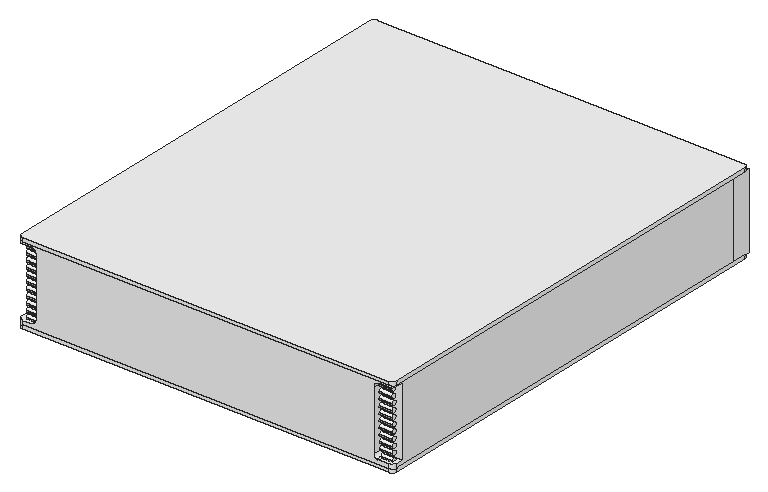
Revit family "RK-AMP500", category Electrical Equipment, Revit 2016
Family settings
  Panel Configuration = Two Columns, Circuits Across
  Part Type = Panelboard
  Round Connector Dimension = Use Diameter
  OmniClass Number = 23.80.30.11.17
  OmniClass Title = Distribution Boards and Control Panels
  Work Plane-Based = No
  Always vertical = Yes
  Cut with Voids When Loaded = No
  Shared = No
  Room Calculation Point = No
Parameters
  voltage = "100V/70V"
  Weekly = ""
  Warranty ID = ""
  Type = ""
  Supply Phase = "3"
  Shipping Weight = ""
  Shape = ""
  Set Point Concentration = 0.00 m²
  Responsible Sourcing of Materials = "Endorsing body"
  Responsible Extraction of Materials = ""
  Reference Standard = ""
  Quarterly = ""
  Product Range = ""
  Product Model Number = "Or  Code"
  Product Literature = ""
  Power Source (if required) = ""
  Overall Width = 225 mm
  Overall Length = 240 mm
  Overall Height = 165 mm
  O&M Manual = "External data hyperconnection"
  Number of Poles = "3"
  Monthly = ""
  Material2 = cutout
  Material Ingredient Reporting = ""
  Material = Steel
  Manufacturer Website = "External data hyperconnection"
  Maintenance Required 8001-12000hrs = ""
  Maintenance Required 601-1000hrs = ""
  Maintenance Required 40001-8000hrs = ""
  Maintenance Required 301-600hrs = ""
  Maintenance Required 2001-4000hrs = ""
  Maintenance Required 1001-2000hrs = ""
  Maintenance Required 0-300hrs = ""
  Location of Manufacturer = "Northing,Easting"
  Life Cycle Analysis = "A - E"
  Gross Weight = "2.05Kg"
  Green Guide for Specification = "A - E"
  Frequency = "350 Hz ~ 12 kHz"
  Fire Control Panel Links = yes
  Finish = ""
  Features = "Free text to describe product"
  Expected Life = "*Years"
  Environmental Product Declaration = "3rd Party Verification"
  Energy Technology List = "External data hyperconnection"
  Enclosure Rating = "IP rating"
  Embodied Carbon = "kgCO2"
  Default elevation = 1219.2 mm
  Daily = ""
  Coverage Area = 0.056 m²
  Colour = ""
  CE Approval = "Number, Yes, No"
  Bespoke Timeframe = ""
  Battery Type = "e.g. Alkaline, Lithium Ion Rechargeable"
  Battery Supply = ""
  BMS Links = yes
  Annually = ""
  Access Clearance Top = 0 mm
  Access Clearance Right = 0 mm
  Access Clearance Rear = 0 mm
  Access Clearance Left = 0 mm
  Access Clearance Front = 0 mm
  Access Clearance Bottom = 0 mm
  6 Monthly = ""
Reference planes
  plane 1 "Center (Front/Back)": y = 0
  plane 2: z = 0
  plane 3 "Center (Left/Right)": x = 0
Dimensions and locks
  aligned and locked: level to plane 2
Nested families
  nested 1: "PK-AMP500" at (180, -220, 0), type "PK-AMP500"
Definition of nested family "PK-AMP500"
  Parameters (values of type "PK-AMP500")
    Material2 = none
    Material = none
  Reference planes
    plane 1 "Center (Front/Back)": y = 0
    plane 2: z = 0
    plane 3 "Center (Left/Right)": x = 0
    plane 4: y = 482
    plane 5: z = -88
    plane 6: x = -407
  Forms (mm)
    Extrusion 1, solid, material <- "Material2"
      sketch origin (0, 0, 0) x (1, 0, 0) y (0, 1, 0)
        loop
          arc (-407, 5) -> (-405.536, 1.464) -> (-402, 0) r 5
          line (-402, 0) -> (-5, 0)
          arc (-5, 0) -> (-1.464, 1.464) -> (0, 5) r 5
          line (0, 5) -> (0, 462) -> (-20, 462) -> (-20, 20) -> (-387, 20) -> (-387, 462) -> (-407, 462) -> (-407, 5)
      from -84.611 to -3.389
    Extrusion 2, solid, material <- "Material2"
      sketch origin (0, 0, 0) x (1, 0, 0) y (0, 1, 0)
        loop
          line (-5, 482) -> (-402, 482)
          arc (-402, 482) -> (-405.536, 480.536) -> (-407, 477) r 5
          line (-407, 477) -> (-407, 5)
          arc (-407, 5) -> (-405.536, 1.464) -> (-402, 0) r 5
          line (-402, 0) -> (-5, 0)
          arc (-5, 0) -> (-1.464, 1.464) -> (0, 5) r 5
          line (0, 5) -> (0, 477)
          arc (0, 477) -> (-1.464, 480.536) -> (-5, 482) r 5
      from -3.389 to 0
    Extrusion 3, solid, material <- "Material2"
      sketch origin (0, 0, -84.611) x (1, 0, 0) y (0, 1, 0)
        loop
          line (-5, 482) -> (-402, 482)
          arc (-402, 482) -> (-405.536, 480.536) -> (-407, 477) r 5
          line (-407, 477) -> (-407, 5)
          arc (-407, 5) -> (-405.536, 1.464) -> (-402, 0) r 5
          line (-402, 0) -> (-5, 0)
          arc (-5, 0) -> (-1.464, 1.464) -> (0, 5) r 5
          line (0, 5) -> (0, 477)
          arc (0, 477) -> (-1.464, 480.536) -> (-5, 482) r 5
      from -3.389 to 0
    Extrusion 4, void
      sketch origin (0, 0, -169.342) x (1, 0, 0) y (0, 0, 1)
        loop
          line (-409.572, 164.342) -> (-409.572, 89.442) -> (-392, 89.442)
          arc (-392, 89.442) -> (-388.464, 90.906) -> (-387, 94.442) r 5
          line (-387, 94.442) -> (-387, 159.342)
          arc (-387, 159.342) -> (-388.464, 162.877) -> (-392, 164.342) r 5
          line (-392, 164.342) -> (-409.572, 164.342)
      from -12.787 to 11.13
    Extrusion 5, void
      sketch origin (-407, 0, -169.342) x (-1, 0, 0) y (0, 0, -1)
        loop
          line (-409.572, -164.342) -> (-392, -164.342)
          arc (-392, -164.342) -> (-388.464, -162.877) -> (-387, -159.342) r 5
          line (-387, -159.342) -> (-387, -94.442)
          arc (-387, -94.442) -> (-388.464, -90.906) -> (-392, -89.442) r 5
          line (-392, -89.442) -> (-409.572, -89.442) -> (-409.572, -164.342)
      from -12.787 to 11.13
    Extrusion 6, solid, material <- "Material2"
      sketch origin (0, -465.718, 0) x (0, 1, 0) y (0, 0, 1)
        loop
          circle (473.025, -10.009) r 2.052
        loop
          circle (473.025, -17.009) r 2.052
        loop
          circle (473.269, -24.005) r 2.052
        loop
          circle (473.269, -31.005) r 2.052
        loop
          circle (473.269, -38.005) r 2.052
        loop
          circle (473.635, -44.995) r 2.052
        loop
          circle (473.635, -51.995) r 2.052
        loop
          circle (473.635, -58.995) r 2.052
        loop
          circle (473.635, -65.995) r 2.052
        loop
          circle (473.635, -72.995) r 2.052
        loop
          circle (473.635, -79.995) r 2.052
      from -20 to -4.979
    Extrusion 7, solid, material <- "Material2"
      sketch origin (-407, -465.718, 0) x (0, 1, 0) y (0, 0, -1)
        loop
          circle (473.025, 10.009) r 2.052
        loop
          circle (473.025, 17.009) r 2.052
        loop
          circle (473.269, 24.005) r 2.052
        loop
          circle (473.269, 31.005) r 2.052
        loop
          circle (473.269, 38.005) r 2.052
        loop
          circle (473.635, 44.995) r 2.052
        loop
          circle (473.635, 51.995) r 2.052
        loop
          circle (473.635, 58.995) r 2.052
        loop
          circle (473.635, 65.995) r 2.052
        loop
          circle (473.635, 72.995) r 2.052
        loop
          circle (473.635, 79.995) r 2.052
      from -20 to -4.979
    Extrusion 8, solid, material <- "Material2"
      sketch origin (0, 0, 0) x (1, 0, 0) y (0, 0, 1)
        loop
          line (0, -3.389) -> (-407, -3.389) -> (-407, -84.611) -> (0, -84.611) -> (0, -3.389)
        loop
          line (-20.151, -37.343) -> (-15.063, -37.343)
          arc (-15.063, -37.343) -> (-24.693, -19.206) -> (-43.181, -10.268) r 33.022
          line (-43.181, -10.268) -> (-43.181, -15.321)
          arc (-43.181, -15.321) -> (-28.231, -22.74) -> (-20.151, -37.343) r 28.022
        loop
          line (-44.763, -20.146) -> (-44.763, -25.195)
          arc (-44.763, -25.195) -> (-35.142, -29.968) -> (-29.944, -39.366) r 18.022
          line (-29.944, -39.366) -> (-24.863, -39.366)
          arc (-24.863, -39.366) -> (-31.604, -26.434) -> (-44.763, -20.146) r 23.022
        loop
          line (-80.138, -37.343) -> (-75.05, -37.343)
          arc (-75.05, -37.343) -> (-66.969, -22.74) -> (-52.02, -15.321) r 28.022
          line (-52.02, -15.321) -> (-52.02, -10.268)
          arc (-52.02, -10.268) -> (-70.508, -19.206) -> (-80.138, -37.343) r 33.022
        loop
          line (-70.338, -39.366) -> (-65.256, -39.366)
          arc (-65.256, -39.366) -> (-60.059, -29.968) -> (-50.438, -25.195) r 18.022
          line (-50.438, -25.195) -> (-50.438, -20.146)
          arc (-50.438, -20.146) -> (-63.597, -26.434) -> (-70.338, -39.366) r 23.022
        loop
          line (-60.527, -41.394) -> (-55.464, -41.394)
          arc (-55.464, -41.394) -> (-53.033, -37.088) -> (-48.537, -35.026) r 8.022
          line (-48.537, -35.026) -> (-48.537, -30.005)
          arc (-48.537, -30.005) -> (-56.572, -33.552) -> (-60.527, -41.394) r 13.022
        loop
          line (-46.663, -30.005) -> (-46.663, -35.026)
          arc (-46.663, -35.026) -> (-42.168, -37.088) -> (-39.737, -41.394) r 8.022
          line (-39.737, -41.394) -> (-34.674, -41.394)
          arc (-34.674, -41.394) -> (-38.629, -33.552) -> (-46.663, -30.005) r 13.022
        loop
          arc (-20.151, -48.349) -> (-28.231, -62.952) -> (-43.181, -70.37) r 28.022
          line (-43.181, -70.37) -> (-43.181, -75.424)
          arc (-43.181, -75.424) -> (-24.693, -66.486) -> (-15.063, -48.349) r 33.022
          line (-15.063, -48.349) -> (-20.151, -48.349)
        loop
          arc (-44.763, -65.546) -> (-31.604, -59.258) -> (-24.863, -46.325) r 23.022
          line (-24.863, -46.325) -> (-29.944, -46.325)
          arc (-29.944, -46.325) -> (-35.142, -55.724) -> (-44.763, -60.496) r 18.022
          line (-44.763, -60.496) -> (-44.763, -65.546)
        loop
          arc (-80.138, -48.349) -> (-70.508, -66.486) -> (-52.02, -75.424) r 33.022
          line (-52.02, -75.424) -> (-52.02, -70.37)
          arc (-52.02, -70.37) -> (-66.969, -62.952) -> (-75.05, -48.349) r 28.022
          line (-75.05, -48.349) -> (-80.138, -48.349)
        loop
          arc (-70.338, -46.325) -> (-63.597, -59.258) -> (-50.438, -65.546) r 23.022
          line (-50.438, -65.546) -> (-50.438, -60.496)
          arc (-50.438, -60.496) -> (-60.059, -55.724) -> (-65.256, -46.325) r 18.022
          line (-65.256, -46.325) -> (-70.338, -46.325)
        loop
          arc (-60.527, -44.297) -> (-56.572, -52.14) -> (-48.537, -55.687) r 13.022
          line (-48.537, -55.687) -> (-48.537, -50.666)
          arc (-48.537, -50.666) -> (-53.033, -48.604) -> (-55.464, -44.297) r 8.022
          line (-55.464, -44.297) -> (-60.527, -44.297)
        loop
          arc (-46.663, -55.687) -> (-38.629, -52.14) -> (-34.674, -44.297) r 13.022
          line (-34.674, -44.297) -> (-39.737, -44.297)
          arc (-39.737, -44.297) -> (-42.168, -48.604) -> (-46.663, -50.666) r 8.022
          line (-46.663, -50.666) -> (-46.663, -55.687)
        loop
          circle (-77.317, -42.689) r 1.396
        loop
          circle (-47.603, -42.993) r 4.573
        loop
          circle (-18.19, -42.689) r 1.396
        loop
          line (-260.151, -37.343) -> (-255.063, -37.343)
          arc (-255.063, -37.343) -> (-264.693, -19.206) -> (-283.181, -10.268) r 33.022
          line (-283.181, -10.268) -> (-283.181, -15.321)
          arc (-283.181, -15.321) -> (-268.231, -22.74) -> (-260.151, -37.343) r 28.022
        loop
          line (-284.763, -20.146) -> (-284.763, -25.195)
          arc (-284.763, -25.195) -> (-275.142, -29.968) -> (-269.944, -39.366) r 18.022
          line (-269.944, -39.366) -> (-264.863, -39.366)
          arc (-264.863, -39.366) -> (-271.604, -26.434) -> (-284.763, -20.146) r 23.022
        loop
          line (-320.138, -37.343) -> (-315.05, -37.343)
          arc (-315.05, -37.343) -> (-306.969, -22.74) -> (-292.02, -15.321) r 28.022
          line (-292.02, -15.321) -> (-292.02, -10.268)
          arc (-292.02, -10.268) -> (-310.508, -19.206) -> (-320.138, -37.343) r 33.022
        loop
          line (-310.338, -39.366) -> (-305.256, -39.366)
          arc (-305.256, -39.366) -> (-300.059, -29.968) -> (-290.438, -25.195) r 18.022
          line (-290.438, -25.195) -> (-290.438, -20.146)
          arc (-290.438, -20.146) -> (-303.597, -26.434) -> (-310.338, -39.366) r 23.022
        loop
          line (-300.527, -41.394) -> (-295.464, -41.394)
          arc (-295.464, -41.394) -> (-293.033, -37.088) -> (-288.537, -35.026) r 8.022
          line (-288.537, -35.026) -> (-288.537, -30.005)
          arc (-288.537, -30.005) -> (-296.572, -33.552) -> (-300.527, -41.394) r 13.022
        loop
          line (-286.663, -30.005) -> (-286.663, -35.026)
          arc (-286.663, -35.026) -> (-282.168, -37.088) -> (-279.737, -41.394) r 8.022
          line (-279.737, -41.394) -> (-274.674, -41.394)
          arc (-274.674, -41.394) -> (-278.629, -33.552) -> (-286.663, -30.005) r 13.022
        loop
          arc (-260.151, -48.349) -> (-268.231, -62.952) -> (-283.181, -70.37) r 28.022
          line (-283.181, -70.37) -> (-283.181, -75.424)
          arc (-283.181, -75.424) -> (-264.693, -66.486) -> (-255.063, -48.349) r 33.022
          line (-255.063, -48.349) -> (-260.151, -48.349)
        loop
          arc (-284.763, -65.546) -> (-271.604, -59.258) -> (-264.863, -46.325) r 23.022
          line (-264.863, -46.325) -> (-269.944, -46.325)
          arc (-269.944, -46.325) -> (-275.142, -55.724) -> (-284.763, -60.496) r 18.022
          line (-284.763, -60.496) -> (-284.763, -65.546)
        loop
          arc (-320.138, -48.349) -> (-310.508, -66.486) -> (-292.02, -75.424) r 33.022
          line (-292.02, -75.424) -> (-292.02, -70.37)
          arc (-292.02, -70.37) -> (-306.969, -62.952) -> (-315.05, -48.349) r 28.022
          line (-315.05, -48.349) -> (-320.138, -48.349)
        loop
          arc (-310.338, -46.325) -> (-303.597, -59.258) -> (-290.438, -65.546) r 23.022
          line (-290.438, -65.546) -> (-290.438, -60.496)
          arc (-290.438, -60.496) -> (-300.059, -55.724) -> (-305.256, -46.325) r 18.022
          line (-305.256, -46.325) -> (-310.338, -46.325)
        loop
          arc (-300.527, -44.297) -> (-296.572, -52.14) -> (-288.537, -55.687) r 13.022
          line (-288.537, -55.687) -> (-288.537, -50.666)
          arc (-288.537, -50.666) -> (-293.033, -48.604) -> (-295.464, -44.297) r 8.022
          line (-295.464, -44.297) -> (-300.527, -44.297)
        loop
          arc (-286.663, -55.687) -> (-278.629, -52.14) -> (-274.674, -44.297) r 13.022
          line (-274.674, -44.297) -> (-279.737, -44.297)
          arc (-279.737, -44.297) -> (-282.168, -48.604) -> (-286.663, -50.666) r 8.022
          line (-286.663, -50.666) -> (-286.663, -55.687)
        loop
          circle (-317.317, -42.689) r 1.396
        loop
          circle (-287.603, -42.993) r 4.573
        loop
          circle (-258.19, -42.689) r 1.396
      from -482 to -462
    Extrusion 9, void
      sketch origin (5.15, 0, -133.133) x (1, 0, 0) y (0, 0, 1)
        loop
          line (-359.468, 122.859) -> (-370.228, 114.452)
          arc (-370.228, 114.452) -> (-371.644, 112.704) -> (-372.15, 110.512) r 5
          line (-372.15, 110.512) -> (-372.15, 94.334)
          arc (-372.15, 94.334) -> (-371.544, 91.948) -> (-369.873, 90.14) r 5
          line (-369.873, 90.14) -> (-359.113, 83.153)
          arc (-359.113, 83.153) -> (-356.39, 82.346) -> (-353.666, 83.153) r 5
          line (-353.666, 83.153) -> (-342.906, 90.14)
          arc (-342.906, 90.14) -> (-341.235, 91.948) -> (-340.629, 94.334) r 5
          line (-340.629, 94.334) -> (-340.629, 110.512)
          arc (-340.629, 110.512) -> (-341.135, 112.704) -> (-342.551, 114.452) r 5
          line (-342.551, 114.452) -> (-353.311, 122.859)
          arc (-353.311, 122.859) -> (-356.39, 123.919) -> (-359.468, 122.859) r 5
        loop
          line (-347.236, 113.133) -> (-359.118, 113.133) -> (-359.118, 92.525) -> (-346.985, 92.525) -> (-343.521, 95.989) -> (-343.521, 109.418) -> (-347.236, 113.133)
        loop
          line (-360.82, 113.133) -> (-369.333, 113.133) -> (-369.333, 93.133) -> (-360.82, 93.133) -> (-360.82, 113.133)
        loop
          line (-352.984, 110.616) -> (-356.851, 110.616) -> (-356.851, 109.192) -> (-352.984, 109.192) -> (-352.984, 110.616)
        loop
          line (-352.984, 95.616) -> (-356.851, 95.616) -> (-356.851, 94.192) -> (-352.984, 94.192) -> (-352.984, 95.616)
        loop
          line (-345.281, 103.32) -> (-349.148, 103.32) -> (-349.148, 101.895) -> (-345.281, 101.895) -> (-345.281, 103.32)
        loop
          line (-342.807, 113.771) -> (-370.386, 113.771) -> (-370.386, 91.536) -> (-342.807, 91.536) -> (-342.807, 113.771)
      from -490.209 to -470.436
    Extrusion 10, void
      sketch origin (207.906, 0, -292.368) x (1, 0, 0) y (0, 0, 1)
        loop
          line (-346.066, 235.987) -> (-364.473, 235.987) -> (-364.473, 211.828) -> (-346.066, 211.828) -> (-346.066, 235.987)
        loop
          line (-349.606, 232.624) -> (-352.703, 232.624) -> (-352.703, 234.748) -> (-358.278, 234.748) -> (-358.278, 232.624) -> (-361.199, 232.624) -> (-361.199, 225.19) -> (-349.606, 225.19) -> (-349.606, 232.624)
        loop
          line (-349.606, 214.477) -> (-349.606, 221.91) -> (-361.199, 221.91) -> (-361.199, 214.477) -> (-358.278, 214.477) -> (-358.278, 212.353) -> (-352.703, 212.353) -> (-352.703, 214.477) -> (-349.606, 214.477)
      from -490.209 to -470.436
    Extrusion 11, void
      sketch origin (236.179, 0, -425.019) x (1, 0, 0) y (0, 0, 1)
        loop
          line (-326.227, 355.07) -> (-330.675, 355.07) -> (-330.675, 358.027) -> (-334.288, 358.027) -> (-334.288, 355.07) -> (-359.759, 355.07) -> (-359.759, 358.027) -> (-363.372, 358.027) -> (-363.372, 355.07) -> (-366.227, 355.07) -> (-366.227, 346.17) -> (-326.227, 346.17) -> (-326.227, 355.07)
        loop
          line (-419.139, 360.765) -> (-431.644, 360.765) -> (-431.644, 364.078) -> (-435.257, 364.078) -> (-435.257, 360.765) -> (-454.797, 360.765) -> (-454.797, 364.078) -> (-458.41, 364.078) -> (-458.41, 360.765) -> (-471.815, 360.765) -> (-471.815, 346.17) -> (-419.139, 346.17) -> (-419.139, 360.765)
        loop
          line (-428.256, 347.898) -> (-428.256, 355.07) -> (-429.543, 355.07) -> (-429.543, 357.962) -> (-432.703, 357.962) -> (-432.703, 355.07) -> (-434.342, 355.07) -> (-434.342, 347.898) -> (-428.256, 347.898)
        loop
          line (-435.998, 347.898) -> (-435.998, 355.07) -> (-437.285, 355.07) -> (-437.285, 357.962) -> (-440.445, 357.962) -> (-440.445, 355.07) -> (-442.083, 355.07) -> (-442.083, 347.898) -> (-435.998, 347.898)
        loop
          line (-443.804, 347.898) -> (-443.804, 355.07) -> (-445.091, 355.07) -> (-445.091, 357.962) -> (-448.251, 357.962) -> (-448.251, 355.07) -> (-449.889, 355.07) -> (-449.889, 347.898) -> (-443.804, 347.898)
        loop
          line (-451.475, 347.898) -> (-451.475, 355.07) -> (-452.762, 355.07) -> (-452.762, 357.962) -> (-455.922, 357.962) -> (-455.922, 355.07) -> (-457.561, 355.07) -> (-457.561, 347.898) -> (-451.475, 347.898)
        loop
          line (-459.416, 347.898) -> (-459.416, 355.07) -> (-460.703, 355.07) -> (-460.703, 357.962) -> (-463.863, 357.962) -> (-463.863, 355.07) -> (-465.501, 355.07) -> (-465.501, 347.898) -> (-459.416, 347.898)
        loop
          line (-467.255, 354.421) -> (-470.618, 354.421) -> (-470.618, 350.793) -> (-467.255, 350.793) -> (-467.255, 354.421)
        loop
          line (-422.255, 354.421) -> (-425.618, 354.421) -> (-425.618, 350.793) -> (-422.255, 350.793) -> (-422.255, 354.421)
        loop
          line (-328.747, 351.052) -> (-331.314, 351.052) -> (-331.314, 349.017) -> (-328.747, 349.017) -> (-328.747, 351.052)
        loop
          line (-333.747, 351.052) -> (-336.314, 351.052) -> (-336.314, 349.017) -> (-333.747, 349.017) -> (-333.747, 351.052)
        loop
          line (-338.273, 351.052) -> (-340.84, 351.052) -> (-340.84, 349.017) -> (-338.273, 349.017) -> (-338.273, 351.052)
        loop
          line (-343.273, 351.052) -> (-345.84, 351.052) -> (-345.84, 349.017) -> (-343.273, 349.017) -> (-343.273, 351.052)
        loop
          line (-347.583, 351.052) -> (-350.15, 351.052) -> (-350.15, 349.017) -> (-347.583, 349.017) -> (-347.583, 351.052)
        loop
          line (-352.064, 351.052) -> (-354.63, 351.052) -> (-354.63, 349.017) -> (-352.064, 349.017) -> (-352.064, 351.052)
        loop
          line (-357.475, 351.052) -> (-360.041, 351.052) -> (-360.041, 349.017) -> (-357.475, 349.017) -> (-357.475, 351.052)
        loop
          line (-361.431, 351.052) -> (-363.998, 351.052) -> (-363.998, 349.017) -> (-361.431, 349.017) -> (-361.431, 351.052)
      from -490.209 to -470.436
    Extrusion 12, void
      sketch origin (176.179, 0, -425.019) x (1, 0, 0) y (0, 0, 1)
        loop
          line (-338.93, 357.368) -> (-351.346, 357.368) -> (-351.346, 349.633) -> (-338.93, 349.633) -> (-338.93, 357.368)
        loop
          line (-340.05, 356.554) -> (-350.05, 356.554) -> (-350.05, 350.956) -> (-340.05, 350.956) -> (-340.05, 356.554)
        loop
          line (-342.492, 354.416) -> (-344.324, 354.416) -> (-344.324, 352.585) -> (-342.492, 352.585) -> (-342.492, 354.416)
        loop
          line (-346.257, 354.416) -> (-347.988, 354.416) -> (-347.988, 352.585) -> (-346.257, 352.585) -> (-346.257, 354.416)
      from -490.209 to -470.436
    Revolve 13, solid, material <- "Material"
      sketch origin (-20, -5.752, -2.857) x (0, 1, 0) y (0, 0, 1)
        loop
          line (490.23, -10.36) -> (490.23, -8.027)
          arc (490.23, -8.027) -> (489.816, -7.028) -> (488.816, -6.613) r 1.414
          line (488.816, -6.613) -> (487.717, -6.613) -> (487.18, -8.617) -> (480.23, -8.617) -> (480.23, -10.36) -> (490.23, -10.36)
        axis (490.23, -10.36) -> (480.23, -10.36)
      angle from 0 to 360
    Revolve 14, solid, material <- "Material"
      sketch origin (-76.885, -5.752, -2.857) x (0, 1, 0) y (0, 0, 1)
        loop
          line (490.23, -10.36) -> (490.23, -8.027)
          arc (490.23, -8.027) -> (489.816, -7.028) -> (488.816, -6.613) r 1.414
          line (488.816, -6.613) -> (487.717, -6.613) -> (487.18, -8.617) -> (480.23, -8.617) -> (480.23, -10.36) -> (490.23, -10.36)
        axis (490.23, -10.36) -> (480.23, -10.36)
      angle from 0 to 360
    Revolve 15, solid, material <- "Material"
      sketch origin (-76.885, -5.752, -61.359) x (0, 1, 0) y (0, 0, 1)
        loop
          line (490.23, -10.36) -> (490.23, -8.027)
          arc (490.23, -8.027) -> (489.816, -7.028) -> (488.816, -6.613) r 1.414
          line (488.816, -6.613) -> (487.717, -6.613) -> (487.18, -8.617) -> (480.23, -8.617) -> (480.23, -10.36) -> (490.23, -10.36)
        axis (490.23, -10.36) -> (480.23, -10.36)
      angle from 0 to 360
    Revolve 16, solid, material <- "Material"
      sketch origin (-19.537, -5.752, -61.359) x (0, 1, 0) y (0, 0, 1)
        loop
          line (490.23, -10.36) -> (490.23, -8.027)
          arc (490.23, -8.027) -> (489.816, -7.028) -> (488.816, -6.613) r 1.414
          line (488.816, -6.613) -> (487.717, -6.613) -> (487.18, -8.617) -> (480.23, -8.617) -> (480.23, -10.36) -> (490.23, -10.36)
        axis (490.23, -10.36) -> (480.23, -10.36)
      angle from 0 to 360
    Revolve 17, solid, material <- "Material"
      sketch origin (-259.308, -5.752, -3.007) x (0, 1, 0) y (0, 0, 1)
        loop
          line (490.23, -10.36) -> (490.23, -8.027)
          arc (490.23, -8.027) -> (489.816, -7.028) -> (488.816, -6.613) r 1.414
          line (488.816, -6.613) -> (487.717, -6.613) -> (487.18, -8.617) -> (480.23, -8.617) -> (480.23, -10.36) -> (490.23, -10.36)
        axis (490.23, -10.36) -> (480.23, -10.36)
      angle from 0 to 360
    Revolve 18, solid, material <- "Material"
      sketch origin (-317.114, -5.752, -3.007) x (0, 1, 0) y (0, 0, 1)
        loop
          line (490.23, -10.36) -> (490.23, -8.027)
          arc (490.23, -8.027) -> (489.816, -7.028) -> (488.816, -6.613) r 1.414
          line (488.816, -6.613) -> (487.717, -6.613) -> (487.18, -8.617) -> (480.23, -8.617) -> (480.23, -10.36) -> (490.23, -10.36)
        axis (490.23, -10.36) -> (480.23, -10.36)
      angle from 0 to 360
    Revolve 19, solid, material <- "Material"
      sketch origin (-317.114, -5.752, -61.399) x (0, 1, 0) y (0, 0, 1)
        loop
          line (490.23, -10.36) -> (490.23, -8.027)
          arc (490.23, -8.027) -> (489.816, -7.028) -> (488.816, -6.613) r 1.414
          line (488.816, -6.613) -> (487.717, -6.613) -> (487.18, -8.617) -> (480.23, -8.617) -> (480.23, -10.36) -> (490.23, -10.36)
        axis (490.23, -10.36) -> (480.23, -10.36)
      angle from 0 to 360
    Revolve 20, solid, material <- "Material"
      sketch origin (-259.308, -5.752, -61.399) x (0, 1, 0) y (0, 0, 1)
        loop
          line (490.23, -10.36) -> (490.23, -8.027)
          arc (490.23, -8.027) -> (489.816, -7.028) -> (488.816, -6.613) r 1.414
          line (488.816, -6.613) -> (487.717, -6.613) -> (487.18, -8.617) -> (480.23, -8.617) -> (480.23, -10.36) -> (490.23, -10.36)
        axis (490.23, -10.36) -> (480.23, -10.36)
      angle from 0 to 360
    Revolve 21, solid, material <- "Material"
      sketch origin (-375.219, -5.752, -30.341) x (0, 1, 0) y (0, 0, 1)
        loop
          line (490.23, -10.36) -> (490.23, -8.027)
          arc (490.23, -8.027) -> (489.816, -7.028) -> (488.816, -6.613) r 1.414
          line (488.816, -6.613) -> (487.717, -6.613) -> (487.18, -8.617) -> (480.23, -8.617) -> (480.23, -10.36) -> (490.23, -10.36)
        axis (490.23, -10.36) -> (480.23, -10.36)
      angle from 0 to 360
    Extrusion 22, void
      sketch origin (3.79, 0, -137.247) x (1, 0, 0) y (0, 0, 1)
        loop
          line (-376.509, 121.761) -> (-400.345, 121.761) -> (-400.345, 99.937) -> (-376.509, 99.937) -> (-376.509, 121.761)
        loop
          line (-379.45, 119.13) -> (-397.868, 119.13) -> (-397.868, 102.723) -> (-379.45, 102.723) -> (-379.45, 119.13)
        loop
          line (-338.272, 72.613) -> (-346.515, 72.613) -> (-346.515, 77.47) -> (-349.362, 77.47) -> (-349.362, 72.613) -> (-370.215, 72.613) -> (-370.215, 77.47) -> (-373.063, 77.47) -> (-373.063, 72.613) -> (-383.272, 72.613) -> (-383.272, 59.308) -> (-338.272, 59.308) -> (-338.272, 72.613)
        loop
          line (-346.515, 69.299) -> (-350.557, 69.299) -> (-350.557, 67.162) -> (-349.362, 67.162) -> (-349.362, 62.786) -> (-347.837, 62.786) -> (-347.837, 67.162) -> (-346.515, 67.162) -> (-346.515, 69.299)
        loop
          line (-354.431, 69.299) -> (-358.474, 69.299) -> (-358.474, 67.162) -> (-357.278, 67.162) -> (-357.278, 62.786) -> (-355.754, 62.786) -> (-355.754, 67.162) -> (-354.431, 67.162) -> (-354.431, 69.299)
        loop
          line (-361.515, 69.299) -> (-365.558, 69.299) -> (-365.558, 67.162) -> (-364.362, 67.162) -> (-364.362, 62.786) -> (-362.837, 62.786) -> (-362.837, 67.162) -> (-361.515, 67.162) -> (-361.515, 69.299)
        loop
          line (-368.649, 69.299) -> (-372.692, 69.299) -> (-372.692, 67.162) -> (-371.496, 67.162) -> (-371.496, 62.786) -> (-369.971, 62.786) -> (-369.971, 67.162) -> (-368.649, 67.162) -> (-368.649, 69.299)
      from -542.124 to -467.816
  Cuts and joins
    Extrusion 4, Extrusion 5 cuts Extrusion 1
    Extrusion 9, Extrusion 10, Extrusion 11, Extrusion 12, Extrusion 22 cuts Extrusion 8
  Dimensions and locks
    plane 1 "Center (Front/Back)" to plane 4 = 482 mm
    plane 6 to plane 3 "Center (Left/Right)" = 407 mm
    aligned and locked: level to plane 2
